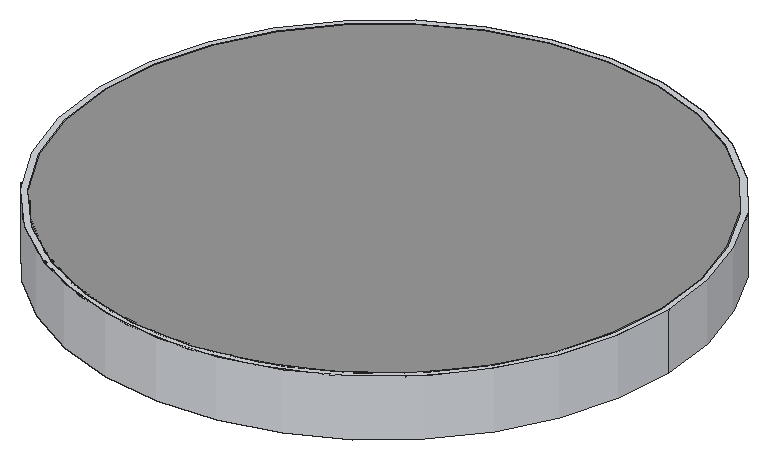
Revit family "2071192", category Lighting Fixtures, host Face, Revit 2018
Family settings
  Host = Face
  Round Connector Dimension = Use Diameter
  Part Type = Normal
  OmniClass Number = 23.80.70.00
  OmniClass Title = Lighting
  Cut with Voids When Loaded = No
  Light Source = Yes
  Shared = No
  Room Calculation Point = No
Parameters (values of type "2071192 COLOSSAL 600 940 PR DIR WHT EM")
  iner diameter = 588 mm
  Weight = "n/a"
  Wattage Comments = ""
  Wattage = 30 W
  WarrantyStartDate [instance] = "n/a"
  WarrantyGuarantorParts = "n/a"
  WarrantyDurationUnit = "n/a"
  WarrantyDurationParts = ""
  WarrantyDescription = "http://www.sylvania-lighting.com"
  built-in parameter 1150110 = 1 (stored number, unit not read)
  Voltage = 230 V
  URL = "0.95"
  TypeName = "COLOSSAL 600mm 940 PRISM DIR WHITE EM"
  Type Image = <None>
  Type Comments = "n/a"
  built-in parameter 1114217 = 1 (stored number, unit not read)
  Tilt Angle = -90.00°
  built-in parameter 1150109 = 1 (stored number, unit not read)
  built-in parameter 1150134 = (empty or 0)
  built-in parameter 1150113 = 1 (stored number, unit not read)
  SerialNumber [instance] = "n/a"
  Photometric Web File = "2071192.ies"
  Material_3_SYL = LED-Sylvania
  PowerFactor = 0
  PowerConsumption = "Lighting"
  NominalLength = 600 mm
  NominalHeight = 93 mm
  NominalDepth = 600 mm
  Name = "COLOSSAL 600mm 940 PRISM DIR WHITE EM"
  ModelReference = Name  # "COLOSSAL 600mm 940 PRISM DIR WHITE EM"
  ModelNumber = "2071192"
  Model = Name  # "COLOSSAL 600mm 940 PRISM DIR WHITE EM"
  Material = "Feilo Sylvania"
  ManufacturerName = "106 lm/W"
  Manufacturer = ""
  LuminousEfficacy = ""
  built-in parameter 1150105 = 270.44 (stored number, unit not read)
  Lumens = 3398.4 lm
  LuminaireType = "0"
  built-in parameter 1150115 = 1 (stored number, unit not read)
  LightOutputRatio = "LED"
  built-in parameter 1150137 = (empty or 0)
  built-in parameter 1150139 = (empty or 0)
  LampsType = Lamp  # "n/a"
  LampNominalLuminous = "4000 K"
  LampMacAdamStep = "90"
  LampColourTemperature = "LED"
  LampColourRenderingIndex = "16500"
  built-in parameter 1150112 = 1 (stored number, unit not read)
  built-in parameter 1150114 = 1 (stored number, unit not read)
  Lamp = "n/a"
  Keynote = "n/a"
  InstallationDate [instance] = "n/a"
  InputVoltage = "0"
  InputNominalFrequency = "4000"
  built-in parameter 1150132 = (empty or 0)
  built-in parameter 1150102 = (empty or 0)
  built-in parameter 1150107 = 3000 (stored number, unit not read)
  built-in parameter 1150138 = (empty or 0)
  IngressProtection = "IfcLightFixtureType"
  ImpactProtectionIndex = "IfcLightFixtureType"
  built-in parameter 1150106 = 2.7044 (stored number, unit not read)
  IfcExportType = "IfcLightFixtureType"
  IfcExportAs = "Class I"
  Emit from Circle Diameter = 385 mm
  Emit Shape Visible in Rendering = no
  ElectricShockClassification = "106"
  built-in parameter 1150104 = 10.524 (stored number, unit not read)
  DocumentationLiterature = "http://www.sylvania-lighting.com/product/en-int/products/2071192"
  DimmingControlOptions = "n/a"
  Material_2_SYL = Polycarbonate_Sylvania_White
  Dimming Lamp Color Temperature Shift = <None>
  Description = "600mm diameter circular architectural luminaire, can be surface mounted or suspended. Powder coated aluminium housing (RAL9016) with PMMA prismatic diffuser. Direct light distribution, 3400lm luminuous flux, 32.1W system power, 106lm/W luminiaire efficacy. Constant current driver. 3 hours integrated emergency. Colour rendering index Ra >90, 4000K Neutral White LED, chromaticity tolerance of 3-step MacAdam ellipse. IP40, IK03. 350mA drive current. UGR≤19. Electrical protection Class1, 220-240V. Reported lifetime 66k hours L90B10."
  Default Elevation = 1219.2 mm
  CreatedOn = "23/03/2022"
  CreatedBy = "@sylvania-lighting.com"
  Cost = 0
  Color Filter = 16777215
  built-in parameter 1114216 [instance] = (empty or 0)
  ClassificationValue = "EF_70_80"
  ClassificationName = "Uniclass2015"
  Material_1_SYL = Polycarbonate_Sylvania_Opal
  BarCode [instance] = "n/a"
  built-in parameter 1114218 = 1 (stored number, unit not read)
  built-in parameter 1150133 = 10 (stored number, unit not read)
  AssetType = "Fixed"
  AssetIdentifier [instance] = "n/a"
  Assembly Code = "D5020200"
  Apparent Load = 32.1 VA
  Material_4_SYL = none
Reference planes
  plane 1 "Center (Front/Back)": y = 0
  plane 2: z = 0
  plane 3 "Center (Left/Right)": x = 0
  plane 4: x = -300
  plane 5: x = 300
  plane 6: y = 300
  plane 7: y = -300
  plane 8: y = 212
  plane 9: y = -212
  plane 10: z = 93
  plane 11: y = 294
  plane 12: y = -294
  plane 13: through (0, 0, 1219.2) normal (0.5, -0.866, 0)
  plane 14: through (-134.29, 20.617, 1219.2) normal (0.5, -0.866, 0)
  plane 15: through (-144.685, -181.683, 1219.2) normal (-0.5, 0.866, 0)
  plane 16: through (0, 0, 1219.2) normal (0.5, 0.866, 0)
  plane 17: through (178.555, -4.939, 1219.2) normal (0.5, 0.866, 0)
  plane 18: through (87.581, -148.715, 1219.2) normal (0.5, 0.866, 0)
  plane 19: y = 272
  plane 20: through (105.168, 227.067, 1219.2) normal (0.866, 0.5, 0)
  plane 21: through (-104.171, 225.672, 1219.2) normal (0.8572, -0.515, 0)
  plane 22: y = -204.612
  plane 23: through (-296.643, -30.2, 1219.2) normal (0.866, 0.5, 0)
  plane 24: through (153.092, -278.837, 1219.2) normal (-0.866, 0.5, 0)
Forms (mm)
  Extrusion 1, solid, detail levels medium+fine
    sketch origin (0, 0, 0) x (1, 0, 0) y (0, 1, 0)
      loop
        circle (0, 0) r 300
    from 33.023 to 93
  Extrusion 2, void
    sketch origin (0, 0, 0) x (1, 0, 0) y (0, 1, 0)
      loop
        circle (0, 0) r 294
    from 93 to 37.292
  Extrusion 3, solid, material "Glass, White, High Luminance", detail levels fine
    sketch origin (0, 0, 0) x (1, 0, 0) y (0, 1, 0)
      loop
        circle (0, 0) r 294
    from 88.026 to 93
  Extrusion 4, solid, detail levels coarse
    sketch origin (0, 0, 0) x (1, 0, 0) y (0, 1, 0)
      loop
        line (-300, 300) -> (-300, -300) -> (300, -300) -> (300, 300) -> (-300, 300)
    from 0 to 93
  Blend 5, solid, detail levels medium+fine
    base sketch origin (0, 0, 0) x (1, 0, 0) y (0, 1, 0)
      loop
        line (-76.334, 272) -> (-277.665, -63.07) -> (-195.946, -204.612) -> (195.946, -204.612) -> (275.172, -67.388) -> (79.226, 272) -> (-76.334, 272)
    top sketch origin (0, 0, 0) x (1, 0, 0) y (0, 1, 0)
      loop
        line (-226.097, -32.388) -> (-141.097, -179.612) -> (141.097, -179.612) -> (226.097, -32.388) -> (85, 212) -> (-85, 212) -> (-226.097, -32.388)
    from 33.023 to 0
Cuts and joins
  Extrusion 2 cuts Extrusion 1
Lines and regions (mm)
  model lines
    curve 1: line (-85, 212, 0) -> (0, 212, 0)
    curve 2: line (0, 212, 0) -> (85, 212, 0)
Dimensions and locks
  "NominalDepth": plane 6 to plane 7
  "NominalLength": plane 4 to plane 5
  equal spacing: plane 4, plane 3 "Center (Left/Right)", plane 5
  "iner diameter": plane 11 to plane 12
  equal spacing: plane 11, plane 1 "Center (Front/Back)", plane 12
  equal spacing: plane 6, plane 1 "Center (Front/Back)", plane 7
  "NominalHeight": plane 10 to level
  radius of Extrusion 2 sketch curve = 294 mm
  aligned and locked: plane 2 to host face
  aligned and locked: level to host face
Automatic sketch dimensions
  host sketch curve to host sketch curve = 2438.4 mm  (x2)
  plane 1 "Center (Front/Back)" to Extrusion 1 sketch curve = 0 mm
  Extrusion 1 sketch curve to plane 3 "Center (Left/Right)" = 0 mm
  plane 1 "Center (Front/Back)" to Extrusion 2 sketch curve = 0 mm
  Extrusion 2 sketch curve to plane 3 "Center (Left/Right)" = 0 mm
  plane 1 "Center (Front/Back)" to Extrusion 3 sketch curve = 0 mm
  Extrusion 3 sketch curve to plane 3 "Center (Left/Right)" = 0 mm
  Extrusion 4 sketch curve to plane 4 = 0 mm
  Extrusion 4 sketch curve to plane 5 = 0 mm
  Extrusion 4 sketch curve to plane 7 = 0 mm
  Extrusion 4 sketch curve to plane 6 = 0 mm
  Blend 5 sketch curve to plane 8 = 0 mm
  Blend 5 sketch curve to plane 3 "Center (Left/Right)" = 85 mm
  plane 3 "Center (Left/Right)" to Blend 5 sketch curve = 85 mm
  plane 9 to Blend 5 sketch curve = 32.388 mm
  plane 3 "Center (Left/Right)" to Blend 5 sketch curve = 141.097 mm
  plane 1 "Center (Front/Back)" to Blend 5 sketch curve = 32.388 mm  (x2)
  Blend 5 sketch curve to plane 5 = 73.903 mm
  Blend 5 sketch curve to plane 3 "Center (Left/Right)" = 141.097 mm
  plane 4 to Blend 5 sketch curve = 73.903 mm
  curve 1 to plane 8 = 0 mm
  curve 2 to plane 3 "Center (Left/Right)" = 0 mm
  curve 1 to plane 3 "Center (Left/Right)" = 85 mm
  curve 1 to curve 2 = 85 mm
  Blend 5 sketch curve to plane 21 = 0 mm
  Blend 5 sketch curve to plane 23 = 0 mm  (x2)
  Blend 5 sketch curve to plane 22 = 0 mm
  Blend 5 sketch curve to plane 19 = 0 mm
  plane 21 to Blend 5 sketch curve = 0 mm
  Blend 5 sketch curve to plane 20 = 0 mm  (x2)
  Blend 5 sketch curve to plane 24 = 0 mm  (x2)
  radius of Extrusion 1 sketch curve = 300 mm
  radius of Extrusion 3 sketch curve = 294 mm
Connectors
  electrical at (0, 0, 0), driven by "Apparent Load", driven by "PowerFactor", driven by "Voltage"
    settings: index 1, voltage 230 V, apparent load 32.1 VA, apparent load phase1 0 VA, apparent load phase2 0 VA, apparent load phase3 0 VA, power factor 0, load classification "Lighting", number of poles 1, system type 30, power factor state 1, is connector primary yes, connector utility no, sub classification motor no, connector description ""
